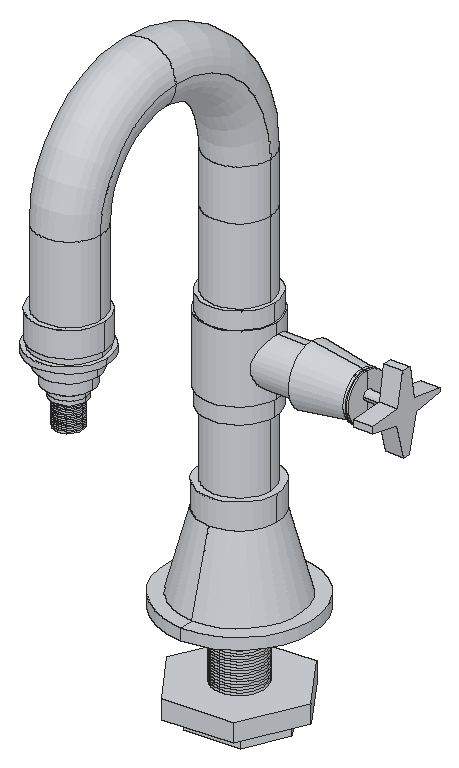
Revit family "LF109", category Aparatos sanitarios, Revit 2014
Parameters (values of type "LF109")
  Conexión de residuos = no
  Conexión de ventilación = no
  URL = "http://www.yepsketch.com"
  Type Comments = ""
  Modelo = "LF109"  # constant formula
  Fabricante = "Enware"  # constant formula
  HWFU = 0
  Conexión AC = no
  Elevación por defecto = 1200 mm
  CWFU = 0.5
  Conexión AF = yes
  Author = "Yepsketch"  # constant formula
  Código de montaje = "D2010310"
Types (3, lengths in mm): name | Type Comments | HWFU | Conexión AC | Conexión AF | Código de montaje
  (no name) | "" | 0 | no | yes | "D2010310"
  ATM606 | "SQX" | 0.5 | yes | no | "D2010400"
  LF109 | "" | 0 | no | yes | "D2010310"
Reference planes
  plane 1 "Center (Front/Back)": y = 0
  plane 2: z = 0
  plane 3 "Center (Left/Right)": x = 0
Forms (mm)
  Sweep 1, solid
    path origin (0, 0, -140) x (0, 1, 0) y (0, 0, 1)
      loop
        line (0, 240) -> (0, 285)
    profile origin (0, 0, 122.5) x (0, -1, 0) y (1, 0, 0)
      loop
        circle (0, 0) r 18.5
  Sweep 2, solid
    path origin (0, 0, -140) x (0, 1, 0) y (0, 0, 1)
      loop
        line (0, 230) -> (0, 240)
    profile origin (0, 0, 95) x (0, -1, 0) y (1, 0, 0)
      loop
        circle (0, 0) r 21
  Sweep 3, solid
    path origin (0, 74.748, -174.935) x (0, 1, 0) y (0, 0, 1)
      loop
        line (-197.347, 319.907) -> (-197.347, 304.907)
    profile origin (0, -122.599, 137.472) x (1, 0, 0) y (0, 1, 0)
      loop
        circle (0, -2.901) r 21
  Sweep 4, solid
    path origin (0, 74.643, -189.935) x (0, 1, 0) y (0, 0, 1)
      loop
        line (-197.347, 319.907) -> (-197.347, 316.38)
    profile origin (0, -122.704, 128.208) x (1, 0, 0) y (0, 1, 0)
      loop
        circle (0, -2.901) r 20
  Sweep 5, solid
    path origin (0, 74.643, -193.462) x (0, 1, 0) y (0, 0, 1)
      loop
        line (-197.347, 319.907) -> (-197.347, 316.38)
    profile origin (0, -122.704, 124.681) x (1, 0, 0) y (0, 1, 0)
      loop
        circle (0, -2.901) r 22.5
  Sweep 6, solid
    path origin (0, 0, -150) x (0, 1, 0) y (0, 0, 1)
      loop
        line (0, 200) -> (0, 240)
    profile origin (0, 0, 70) x (0, -1, 0) y (1, 0, 0)
      loop
        circle (0, 0) r 22
  Sweep 7, solid
    path origin (0, 0, -190) x (0, 1, 0) y (0, 0, 1)
      loop
        line (0, 230) -> (0, 240)
    profile origin (0, 0, 45) x (0, -1, 0) y (1, 0, 0)
      loop
        circle (0, 0) r 21
  Sweep 8, solid
    path origin (0, 0, -144.672) x (0, 1, 0) y (0, 0, 1)
      loop
        line (0, 144.672) -> (0, 184.672)
    profile origin (0, 0, 20) x (0, -1, 0) y (1, 0, 0)
      loop
        circle (0, 0) r 18.5
  Sweep 9, solid
    path origin (0, 74.643, -196.989) x (0, 1, 0) y (0, 0, 1)
      loop
        line (-197.347, 319.907) -> (-197.347, 311.766)
    profile origin (0, -122.704, 118.847) x (1, 0, 0) y (0, 1, 0)
      loop
        circle (0, -2.901) r 17
  Sweep 10, solid
    path origin (0, 74.643, -205.13) x (0, 1, 0) y (0, 0, 1)
      loop
        line (-197.347, 319.907) -> (-197.347, 311.766)
    profile origin (0, -122.704, 110.706) x (1, 0, 0) y (0, 1, 0)
      loop
        circle (0, -2.901) r 14
  Sweep 11, solid
    path origin (0, 74.643, -213.271) x (0, 1, 0) y (0, 0, 1)
      loop
        line (-197.347, 319.907) -> (-197.347, 317.447)
    profile origin (0, -122.704, 105.406) x (1, 0, 0) y (0, 1, 0)
      loop
        circle (0, -2.901) r 10
  Sweep 12, solid
    path origin (0, 74.612, -228.976) x (0, 1, 0) y (0, 0, 1)
      loop
        line (-197.347, 319.907) -> (-197.347, 318.969)
    profile origin (0, -122.735, 90.462) x (1, 0, 0) y (0, 1, 0)
      loop
        circle (0, -2.901) r 8
  Sweep 13, solid
    path origin (0, 74.643, -215.731) x (0, 1, 0) y (0, 0, 1)
      loop
        line (-197.347, 319.907) -> (-197.347, 317.447)
    profile origin (0, -122.704, 102.946) x (1, 0, 0) y (0, 1, 0)
      loop
        circle (0, -2.901) r 10
  Sweep 14, solid
    path origin (0, 74.643, -218.191) x (0, 1, 0) y (0, 0, 1)
      loop
        line (-197.347, 319.907) -> (-197.347, 317.447)
    profile origin (0, -122.704, 100.486) x (1, 0, 0) y (0, 1, 0)
      loop
        circle (0, -2.901) r 10
  Sweep 15, solid
    path origin (0, 74.612, -228.038) x (0, 1, 0) y (0, 0, 1)
      loop
        line (-197.347, 319.907) -> (-197.347, 318.969)
    profile origin (0, -122.735, 91.4) x (1, 0, 0) y (0, 1, 0)
      loop
        circle (0, -2.901) r 8
  Sweep 16, solid
    path origin (0, 0, -240) x (0, 1, 0) y (0, 0, 1)
      loop
        line (0, 225) -> (0, 240)
    profile origin (0, 0, -7.5) x (0, -1, 0) y (1, 0, 0)
      loop
        circle (0, 0) r 22.5
  Revolve 17, solid
    sketch origin (0, 0, 0) x (0, 1, 0) y (0, 0, 1)
      loop
        line (22.5, -15) -> (0, -15) -> (0, -60) -> (34.558, -60) -> (22.5, -15)
      axis (0, -15) -> (0, -60)
    angle from 0 to 360
  Revolve 18, solid
    sketch origin (0, 0, 0) x (0, 1, 0) y (0, 0, 1)
      loop
        line (0, -60) -> (0, -66.758) -> (42.784, -66.758) -> (42.784, -60) -> (0, -60)
      axis (0, -60) -> (0, -66.758)
    angle from 0 to 360
  Revolve 19, solid
    sketch origin (0, 0, 0) x (0, 1, 0) y (0, 0, 1)
      loop
        line (0, -66.758) -> (0, -68.229) -> (14.444, -68.229) -> (14.444, -66.758) -> (0, -66.758)
      axis (0, -66.758) -> (0, -68.229)
    angle from 0 to 360
  Extrusion 20, solid
    sketch origin (-50, 0, 0) x (1, 0, 0) y (0, 1, 0)
      loop
        line (33.136, -36.165) -> (72.888, -32.687) -> (89.752, 3.478) -> (66.864, 36.165) -> (27.112, 32.687) -> (10.248, -3.478) -> (33.136, -36.165)
    from -117.456 to -106.463
  Revolve 21, solid
    sketch origin (0, 0, 0) x (0, 1, 0) y (0, 0, 1)
      loop
        line (0, -117.456) -> (0, -118.551) -> (26.865, -118.551) -> (26.865, -117.456) -> (0, -117.456)
      axis (0, -117.456) -> (0, -118.551)
    angle from 0 to 360
  Revolve 22, solid
    sketch origin (0, 0, -1.095) x (0, 1, 0) y (0, 0, 1)
      loop
        line (0, -117.456) -> (0, -118.551) -> (26.865, -118.551) -> (26.865, -117.456) -> (0, -117.456)
      axis (0, -117.456) -> (0, -118.551)
    angle from 0 to 360
  Extrusion 23, solid
    sketch origin (-50, 0, 0) x (1, 0, 0) y (0, 1, 0)
      loop
        line (36.809, -23.977) -> (68.171, -21.233) -> (79.266, 2.56) -> (64.521, 23.62) -> (34.97, 21.034) -> (23.106, -4.407) -> (36.809, -23.977)
    from -126.863 to -119.647
  Revolve 24, solid
    sketch origin (-50, 0.374, -140) x (0, 0, 1) y (-1, 0, 0)
      loop
        line (209.803, -67.771) -> (209.803, -92.771) -> (223.856, -92.771) -> (223.856, -67.771) -> (209.803, -67.771)
      axis (209.803, -67.771) -> (209.803, -92.771)
    angle from 0 to 360
  Revolve 25, solid
    sketch origin (-50, 0.374, -140) x (0, 0, 1) y (-1, 0, 0)
      loop
        line (209.803, -92.771) -> (209.803, -122.771) -> (223.115, -122.771) -> (227.332, -92.771) -> (209.803, -92.771)
      axis (209.803, -92.771) -> (209.803, -122.771)
    angle from 0 to 360
  Revolve 26, solid
    sketch origin (-50, -0.313, -140) x (0, 0, 1) y (-1, 0, 0)
      loop
        line (209.803, -122.771) -> (209.803, -124.34) -> (223.803, -124.34) -> (223.803, -122.771) -> (209.803, -122.771)
      axis (209.803, -122.771) -> (209.803, -124.34)
    angle from 0 to 360
  Revolve 27, solid
    sketch origin (-48.431, -0.313, -140) x (0, 0, 1) y (-1, 0, 0)
      loop
        line (209.803, -122.771) -> (209.803, -124.34) -> (223.803, -124.34) -> (223.803, -122.771) -> (209.803, -122.771)
      axis (209.803, -122.771) -> (209.803, -124.34)
    angle from 0 to 360
  Extrusion 28, solid
    sketch origin (89.731, 406.558, -138.251) x (0, 1, 0) y (0, 0, 1)
      loop
        line (-400.977, 213.143) -> (-404.089, 230.791) -> (-409.519, 230.791) -> (-412.801, 212.173) -> (-431.521, 210.864) -> (-431.521, 207.277) -> (-413.58, 203.709) -> (-408.439, 184.524) -> (-405.148, 184.524) -> (-399.447, 204.962) -> (-382.082, 208.024) -> (-382.082, 209.811) -> (-400.977, 213.143)
    from -2 to 9
  Extrusion 29, solid
    sketch origin (77.91, 0, -139.194) x (0, 1, 0) y (0, 0, 1)
      loop
        circle (-0.592, 210.486) r 2.862
    from -2 to 9.852
  Sweep 30, solid
    path origin (0, 0, 0) x (0, 1, 0) y (0, 0, 1)
      loop
        line (0, 145) -> (0, 175)
        arc (0, 175) -> (-20.503, 224.497) -> (-70, 245) r 70
        arc (-70, 245) -> (-108.891, 228.891) -> (-125, 190) r 55
        line (-125, 190) -> (-125, 145)
    profile origin (0, 0, 160) x (0, -1, 0) y (1, 0, 0)
      loop
        circle (0, 0) r 18.5
  Revolve 31, solid
    sketch origin (0, 0, -1.471) x (0, 1, 0) y (0, 0, 1)
      loop
        line (0, -66.758) -> (0, -68.229) -> (14.444, -68.229) -> (14.444, -66.758) -> (0, -66.758)
      axis (0, -66.758) -> (0, -68.229)
    angle from 0 to 360
  Revolve 32, solid
    sketch origin (0, 0, -2.941) x (0, 1, 0) y (0, 0, 1)
      loop
        line (0, -66.758) -> (0, -68.229) -> (14.444, -68.229) -> (14.444, -66.758) -> (0, -66.758)
      axis (0, -66.758) -> (0, -68.229)
    angle from 0 to 360
  Revolve 33, solid
    sketch origin (0, 0, -4.412) x (0, 1, 0) y (0, 0, 1)
      loop
        line (0, -66.758) -> (0, -68.229) -> (14.444, -68.229) -> (14.444, -66.758) -> (0, -66.758)
      axis (0, -66.758) -> (0, -68.229)
    angle from 0 to 360
  Revolve 34, solid
    sketch origin (0, 0, -5.882) x (0, 1, 0) y (0, 0, 1)
      loop
        line (0, -66.758) -> (0, -68.229) -> (14.444, -68.229) -> (14.444, -66.758) -> (0, -66.758)
      axis (0, -66.758) -> (0, -68.229)
    angle from 0 to 360
  Revolve 35, solid
    sketch origin (0, 0, -7.353) x (0, 1, 0) y (0, 0, 1)
      loop
        line (0, -66.758) -> (0, -68.229) -> (14.444, -68.229) -> (14.444, -66.758) -> (0, -66.758)
      axis (0, -66.758) -> (0, -68.229)
    angle from 0 to 360
  Revolve 36, solid
    sketch origin (0, 0, -8.823) x (0, 1, 0) y (0, 0, 1)
      loop
        line (0, -66.758) -> (0, -68.229) -> (14.444, -68.229) -> (14.444, -66.758) -> (0, -66.758)
      axis (0, -66.758) -> (0, -68.229)
    angle from 0 to 360
  Revolve 37, solid
    sketch origin (0, 0, -10.294) x (0, 1, 0) y (0, 0, 1)
      loop
        line (0, -66.758) -> (0, -68.229) -> (14.444, -68.229) -> (14.444, -66.758) -> (0, -66.758)
      axis (0, -66.758) -> (0, -68.229)
    angle from 0 to 360
  Revolve 38, solid
    sketch origin (0, 0, -11.764) x (0, 1, 0) y (0, 0, 1)
      loop
        line (0, -66.758) -> (0, -68.229) -> (14.444, -68.229) -> (14.444, -66.758) -> (0, -66.758)
      axis (0, -66.758) -> (0, -68.229)
    angle from 0 to 360
  Revolve 39, solid
    sketch origin (0, 0, -13.235) x (0, 1, 0) y (0, 0, 1)
      loop
        line (0, -66.758) -> (0, -68.229) -> (14.444, -68.229) -> (14.444, -66.758) -> (0, -66.758)
      axis (0, -66.758) -> (0, -68.229)
    angle from 0 to 360
  Revolve 40, solid
    sketch origin (0, 0, -14.706) x (0, 1, 0) y (0, 0, 1)
      loop
        line (0, -66.758) -> (0, -68.229) -> (14.444, -68.229) -> (14.444, -66.758) -> (0, -66.758)
      axis (0, -66.758) -> (0, -68.229)
    angle from 0 to 360
  Revolve 41, solid
    sketch origin (0, 0, -16.176) x (0, 1, 0) y (0, 0, 1)
      loop
        line (0, -66.758) -> (0, -68.229) -> (14.444, -68.229) -> (14.444, -66.758) -> (0, -66.758)
      axis (0, -66.758) -> (0, -68.229)
    angle from 0 to 360
  Revolve 42, solid
    sketch origin (0, 0, -17.647) x (0, 1, 0) y (0, 0, 1)
      loop
        line (0, -66.758) -> (0, -68.229) -> (14.444, -68.229) -> (14.444, -66.758) -> (0, -66.758)
      axis (0, -66.758) -> (0, -68.229)
    angle from 0 to 360
  Revolve 43, solid
    sketch origin (0, 0, -19.117) x (0, 1, 0) y (0, 0, 1)
      loop
        line (0, -66.758) -> (0, -68.229) -> (14.444, -68.229) -> (14.444, -66.758) -> (0, -66.758)
      axis (0, -66.758) -> (0, -68.229)
    angle from 0 to 360
  Revolve 44, solid
    sketch origin (0, 0, -20.588) x (0, 1, 0) y (0, 0, 1)
      loop
        line (0, -66.758) -> (0, -68.229) -> (14.444, -68.229) -> (14.444, -66.758) -> (0, -66.758)
      axis (0, -66.758) -> (0, -68.229)
    angle from 0 to 360
  Revolve 45, solid
    sketch origin (0, 0, -22.058) x (0, 1, 0) y (0, 0, 1)
      loop
        line (0, -66.758) -> (0, -68.229) -> (14.444, -68.229) -> (14.444, -66.758) -> (0, -66.758)
      axis (0, -66.758) -> (0, -68.229)
    angle from 0 to 360
  Revolve 46, solid
    sketch origin (0, 0, -23.529) x (0, 1, 0) y (0, 0, 1)
      loop
        line (0, -66.758) -> (0, -68.229) -> (14.444, -68.229) -> (14.444, -66.758) -> (0, -66.758)
      axis (0, -66.758) -> (0, -68.229)
    angle from 0 to 360
  Revolve 47, solid
    sketch origin (0, 0, -25) x (0, 1, 0) y (0, 0, 1)
      loop
        line (0, -66.758) -> (0, -68.229) -> (14.444, -68.229) -> (14.444, -66.758) -> (0, -66.758)
      axis (0, -66.758) -> (0, -68.229)
    angle from 0 to 360
  Revolve 48, solid
    sketch origin (0, 0, -26.47) x (0, 1, 0) y (0, 0, 1)
      loop
        line (0, -66.758) -> (0, -68.229) -> (14.444, -68.229) -> (14.444, -66.758) -> (0, -66.758)
      axis (0, -66.758) -> (0, -68.229)
    angle from 0 to 360
  Revolve 49, solid
    sketch origin (0, 0, -27.941) x (0, 1, 0) y (0, 0, 1)
      loop
        line (0, -66.758) -> (0, -68.229) -> (14.444, -68.229) -> (14.444, -66.758) -> (0, -66.758)
      axis (0, -66.758) -> (0, -68.229)
    angle from 0 to 360
  Revolve 50, solid
    sketch origin (0, 0, -29.411) x (0, 1, 0) y (0, 0, 1)
      loop
        line (0, -66.758) -> (0, -68.229) -> (14.444, -68.229) -> (14.444, -66.758) -> (0, -66.758)
      axis (0, -66.758) -> (0, -68.229)
    angle from 0 to 360
  Revolve 51, solid
    sketch origin (0, 0, -30.882) x (0, 1, 0) y (0, 0, 1)
      loop
        line (0, -66.758) -> (0, -68.229) -> (14.444, -68.229) -> (14.444, -66.758) -> (0, -66.758)
      axis (0, -66.758) -> (0, -68.229)
    angle from 0 to 360
  Revolve 52, solid
    sketch origin (0, 0, -32.352) x (0, 1, 0) y (0, 0, 1)
      loop
        line (0, -66.758) -> (0, -68.229) -> (14.444, -68.229) -> (14.444, -66.758) -> (0, -66.758)
      axis (0, -66.758) -> (0, -68.229)
    angle from 0 to 360
  Revolve 53, solid
    sketch origin (0, 0, -33.823) x (0, 1, 0) y (0, 0, 1)
      loop
        line (0, -66.758) -> (0, -68.229) -> (14.444, -68.229) -> (14.444, -66.758) -> (0, -66.758)
      axis (0, -66.758) -> (0, -68.229)
    angle from 0 to 360
  Revolve 54, solid
    sketch origin (0, 0, -35.293) x (0, 1, 0) y (0, 0, 1)
      loop
        line (0, -66.758) -> (0, -68.229) -> (14.444, -68.229) -> (14.444, -66.758) -> (0, -66.758)
      axis (0, -66.758) -> (0, -68.229)
    angle from 0 to 360
  Revolve 55, solid
    sketch origin (0, 0, -36.764) x (0, 1, 0) y (0, 0, 1)
      loop
        line (0, -66.758) -> (0, -68.229) -> (14.444, -68.229) -> (14.444, -66.758) -> (0, -66.758)
      axis (0, -66.758) -> (0, -68.229)
    angle from 0 to 360
  Revolve 56, solid
    sketch origin (0, 0, -38.235) x (0, 1, 0) y (0, 0, 1)
      loop
        line (0, -66.758) -> (0, -68.229) -> (14.444, -68.229) -> (14.444, -66.758) -> (0, -66.758)
      axis (0, -66.758) -> (0, -68.229)
    angle from 0 to 360
  Sweep 57, solid
    path origin (0, 74.612, -227.1) x (0, 1, 0) y (0, 0, 1)
      loop
        line (-197.347, 319.907) -> (-197.347, 318.969)
    profile origin (0, -122.735, 92.338) x (1, 0, 0) y (0, 1, 0)
      loop
        circle (0, -2.901) r 8
  Sweep 58, solid
    path origin (0, 74.612, -226.162) x (0, 1, 0) y (0, 0, 1)
      loop
        line (-197.347, 319.907) -> (-197.347, 318.969)
    profile origin (0, -122.735, 93.276) x (1, 0, 0) y (0, 1, 0)
      loop
        circle (0, -2.901) r 8
  Sweep 59, solid
    path origin (0, 74.612, -225.224) x (0, 1, 0) y (0, 0, 1)
      loop
        line (-197.347, 319.907) -> (-197.347, 318.969)
    profile origin (0, -122.735, 94.214) x (1, 0, 0) y (0, 1, 0)
      loop
        circle (0, -2.901) r 8
  Sweep 60, solid
    path origin (0, 74.612, -224.286) x (0, 1, 0) y (0, 0, 1)
      loop
        line (-197.347, 319.907) -> (-197.347, 318.969)
    profile origin (0, -122.735, 95.152) x (1, 0, 0) y (0, 1, 0)
      loop
        circle (0, -2.901) r 8
  Sweep 61, solid
    path origin (0, 74.612, -223.348) x (0, 1, 0) y (0, 0, 1)
      loop
        line (-197.347, 319.907) -> (-197.347, 318.969)
    profile origin (0, -122.735, 96.09) x (1, 0, 0) y (0, 1, 0)
      loop
        circle (0, -2.901) r 8
  Sweep 62, solid
    path origin (0, 74.612, -222.409) x (0, 1, 0) y (0, 0, 1)
      loop
        line (-197.347, 319.907) -> (-197.347, 318.969)
    profile origin (0, -122.735, 97.028) x (1, 0, 0) y (0, 1, 0)
      loop
        circle (0, -2.901) r 8
  Sweep 63, solid
    path origin (0, 74.612, -221.471) x (0, 1, 0) y (0, 0, 1)
      loop
        line (-197.347, 319.907) -> (-197.347, 318.969)
    profile origin (0, -122.735, 97.966) x (1, 0, 0) y (0, 1, 0)
      loop
        circle (0, -2.901) r 8
  Sweep 64, solid
    path origin (0, 74.612, -220.533) x (0, 1, 0) y (0, 0, 1)
      loop
        line (-197.347, 319.907) -> (-197.347, 318.969)
    profile origin (0, -122.735, 98.905) x (1, 0, 0) y (0, 1, 0)
      loop
        circle (0, -2.901) r 8
  Sweep 65, solid
    path origin (0, 74.612, -235.543) x (0, 1, 0) y (0, 0, 1)
      loop
        line (-197.347, 319.907) -> (-197.347, 318.969)
    profile origin (0, -122.735, 83.895) x (1, 0, 0) y (0, 1, 0)
      loop
        circle (0, -2.901) r 8
  Sweep 66, solid
    path origin (0, 74.612, -234.604) x (0, 1, 0) y (0, 0, 1)
      loop
        line (-197.347, 319.907) -> (-197.347, 318.969)
    profile origin (0, -122.735, 84.833) x (1, 0, 0) y (0, 1, 0)
      loop
        circle (0, -2.901) r 8
  Sweep 67, solid
    path origin (0, 74.612, -233.666) x (0, 1, 0) y (0, 0, 1)
      loop
        line (-197.347, 319.907) -> (-197.347, 318.969)
    profile origin (0, -122.735, 85.771) x (1, 0, 0) y (0, 1, 0)
      loop
        circle (0, -2.901) r 8
  Sweep 68, solid
    path origin (0, 74.612, -232.728) x (0, 1, 0) y (0, 0, 1)
      loop
        line (-197.347, 319.907) -> (-197.347, 318.969)
    profile origin (0, -122.735, 86.71) x (1, 0, 0) y (0, 1, 0)
      loop
        circle (0, -2.901) r 8
  Sweep 69, solid
    path origin (0, 74.612, -231.79) x (0, 1, 0) y (0, 0, 1)
      loop
        line (-197.347, 319.907) -> (-197.347, 318.969)
    profile origin (0, -122.735, 87.648) x (1, 0, 0) y (0, 1, 0)
      loop
        circle (0, -2.901) r 8
  Sweep 70, solid
    path origin (0, 74.612, -230.852) x (0, 1, 0) y (0, 0, 1)
      loop
        line (-197.347, 319.907) -> (-197.347, 318.969)
    profile origin (0, -122.735, 88.586) x (1, 0, 0) y (0, 1, 0)
      loop
        circle (0, -2.901) r 8
  Sweep 71, solid
    path origin (0, 74.612, -229.914) x (0, 1, 0) y (0, 0, 1)
      loop
        line (-197.347, 319.907) -> (-197.347, 318.969)
    profile origin (0, -122.735, 89.524) x (1, 0, 0) y (0, 1, 0)
      loop
        circle (0, -2.901) r 8
Dimensions and locks
  aligned and locked: level to plane 2
Connectors
  piping at (1.141, -0.4, -126.863), diameter 12.7
    settings: on Extrusion 23, index 1, connector inside diameter 609.6 mm, connector length 0 mm, flow factor 0, pipe flow 0.0 L/s, pressure drop 0.0 Pa, fitting loss kfactor 0, connector angle 0.00°, fixture units 0, engagement length 0 mm, angle of deflection 0.00°, flow configuration 0, flow direction 0, fitting loss method 0, system type 7, joint type 0, gender type 0, connector reference index -1, connector utility 0, adjustable connector no, is connector primary yes, connector description ""
